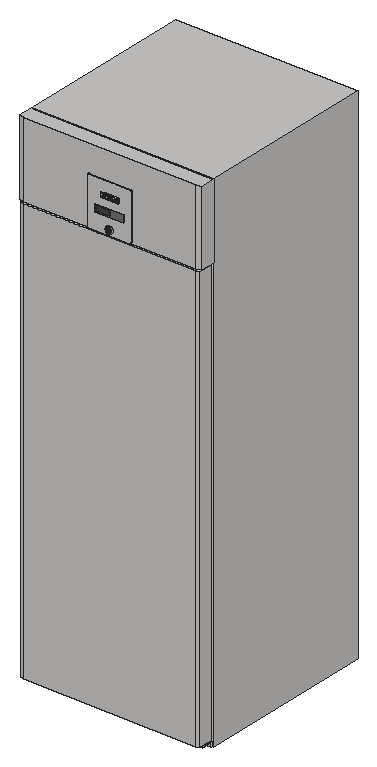
Revit family "QF_ZANUSSI_110880_ZRI075R1F", category Specialty Equipment, Revit 2018
Family settings
  Round Connector Dimension = Use Diameter
  Part Type = Normal
  Work Plane-Based = No
  Always vertical = Yes
  Cut with Voids When Loaded = No
  Shared = No
  Room Calculation Point = No
Parameters (values of type "Standard")
  Weight = 121.00 kg
  Watts = 30.658 W
  Volts = 220 V
  URL Manufacturer = "http://www.zanussiprofessional.com"
  URL = "http://www.zanussiprofessional.com"
  Steam Supply Size = 0 mm
  Steam Supply Minimum Pressure = 0.0 Pa
  Steam Supply Maximum Pressure = 0.0 Pa
  Steam Pounds per Hour = 0
  Refrigeration Suction Line Size = 0 mm
  Refrigeration Liquid Line Size = 0 mm
  Refrigerant Compressor Remote = yes
  Manufacturer = "Zanussi"
  Phase = 1
  Model = "ZRI075R1F"
  Length Actual = 750 mm  # constant formula
  Item Number = "110880"
  Hot Water Size = 0 mm
  Height Actual = 2101 mm  # constant formula
  HP = "0.4 HP"
  Gas Size = 0 mm
  Gas KW = 0
  Gas Input Pressure = 0 W
  Description = "1-DOOR ROLL-IN REFRIGERATOR 750 LT 0/+10°C R290"
  Depth Actual = 816 mm  # constant formula
  Cycle = 50 Hz
  Condensate Return Size = 0 mm
  Compressed Air Volume = 0.0 L/s
  Compressed Air Size = 0 mm
  Compressed Air Pressure = 0.0 Pa
  Cold Water Size = 0 mm
  Accessory = yes
Types (2, lengths in mm): name | URL | Manufacturer | Phase | Model | Description
  (no name) | 0 | 0 | 0 | 0 | 0
  Standard | "http://www.zanussiprofessional.com" | "Zanussi" | 1 | "ZRI075R1F" | "1-DOOR ROLL-IN REFRIGERATOR 750 LT 0/+10°C R290"
Values of the unnamed type that differ from the named types
  Watts = 0 W
  Volts = 0 V
  URL Manufacturer = ""
  Item Number = ""
  HP = ""
  Cycle = 0 Hz
Reference planes
  plane 1 "Center (Front/Back)": y = 0
  plane 2: z = 0
  plane 3 "Center (Left/Right)": x = 0
  plane 4 "TOP": z = 2101
  plane 5 "FRONT": y = -408
  plane 6 "BACK": y = 408
  plane 7 "LEFT": x = -375
  plane 8 "RIGHT": x = 375
  plane 9 "ROy": y = 241
  plane 10 "RIy": y = 269
  plane 11 "ROx": x = 134
  plane 12 "RIx": x = 207
  plane 13 "ROz": z = 1996
Forms (mm)
  Extrusion 1, solid, material "QF_Finishes_Stainless Steel"
    sketch origin (0, 0, 0) x (1, 0, 0) y (0, 1, 0)
      loop
        line (-375, 408) -> (-375, -336) -> (375, -336) -> (375, 408) -> (-375, 408)
    from 0 to 2101
  Extrusion 2, solid
    sketch origin (0, 408, 1872) x (-1, 0, 0) y (0, 0, 1)
      loop
        circle (359, 124) r 10
    from 0 to 3.2
  Extrusion 3, solid, material "QF_Clearances", detail levels coarse
    sketch origin (0, 0, 0) x (1, 0, 0) y (0, 1, 0)
      loop
        line (-375, -408) -> (-375, 408) -> (375, 408) -> (375, -408) -> (425, -408) -> (425, 458) -> (-425, 458) -> (-425, -408) -> (-375, -408)
    from 0 to 2101
  Extrusion 4, solid, material "QF_Clearances", detail levels coarse
    sketch origin (0, 0, 2101) x (-1, 0, 0) y (0, -1, 0)
      loop
        line (425, -458) -> (425, 408) -> (-425, 408) -> (-425, -458) -> (425, -458)
    from 0 to 500
  Extrusion 5, void
    sketch origin (0, 408, 0) x (-1, 0, 0) y (0, 0, 1)
      loop
        line (315, 1713.5) -> (-315, 1713.5) -> (-315, 5) -> (315, 5) -> (315, 1713.5)
    from -59 to -744
Cuts and joins
  joined: Extrusion 3, Extrusion 4
  Extrusion 5 cuts Extrusion 1
Lines and regions (mm)
  symbolic lines, style "QF_Clearances", detail levels coarse
    curve 1: line (-375, -408, 2101) -> (-425, -408, 2101)
    curve 2: line (-425, -408, 2101) -> (-425, 458, 2101)
    curve 3: line (-425, 458, 2101) -> (425, 458, 2101)
    curve 4: line (425, 458, 2101) -> (425, -408, 2101)
    curve 5: line (425, -408, 2101) -> (375, -408, 2101)
Dimensions and locks
  plane 6 "BACK" to plane 1 "Center (Front/Back)" to plane 5 "FRONT" = 408 mm, 408 mm
  equal spacing: plane 7 "LEFT", plane 3 "Center (Left/Right)", plane 8 "RIGHT"
  plane 7 "LEFT" to plane 8 "RIGHT" = 750 mm
  plane 6 "BACK" to plane 5 "FRONT" = 816 mm
  plane 4 "TOP" to plane 2 = 2101 mm
  equal spacing: plane 8 "RIGHT", plane 3 "Center (Left/Right)", plane 7 "LEFT"
  plane 6 "BACK" to nested 1 = 1494 mm
  cut or joined group of Extrusion 1, Extrusion 5 to cut or joined group of Extrusion 1, Extrusion 5 = 630 mm
  cut or joined group of Extrusion 1, Extrusion 5 to cut or joined group of Extrusion 1, Extrusion 5 = 685 mm
  plane 6 "BACK" to plane 10 "RIy" = 139 mm
  plane 6 "BACK" to plane 9 "ROy" = 167 mm
  plane 12 "RIx" to cut or joined group of Extrusion 1, Extrusion 5 = 168 mm
  plane 11 "ROx" to plane 12 "RIx" = 73 mm
  cut or joined group of Extrusion 1, Extrusion 5 to plane 13 "ROz" = 105 mm
  cut or joined group of Extrusion 3, Extrusion 4 to plane 4 "TOP" = 500 mm
  nested 1 to cut or joined group of Extrusion 1, Extrusion 5 = 810 mm
  nested 1 to nested 1 = 16 mm
  cut or joined group of Extrusion 3, Extrusion 4 to cut or joined group of Extrusion 1, Extrusion 5 = 50 mm
  cut or joined group of Extrusion 3, Extrusion 4 to plane 7 "LEFT" = 50 mm
  cut or joined group of Extrusion 1, Extrusion 5 to cut or joined group of Extrusion 3, Extrusion 4 = 50 mm
  plane 4 "TOP" to plane 13 "ROz" = 105 mm
  aligned and locked: level to plane 2
Automatic sketch dimensions
  plane 7 "LEFT" to Extrusion 2 sketch curve = 16 mm
  Extrusion 4 sketch curve to plane 5 "FRONT" = 0 mm
  Extrusion 4 sketch curve to plane 8 "RIGHT" = 50 mm
  Extrusion 4 sketch curve to plane 7 "LEFT" = 50 mm
  plane 6 "BACK" to Extrusion 4 sketch curve = 50 mm
  curve 5 to plane 5 "FRONT" = 0 mm
  curve 5 to plane 8 "RIGHT" = 0 mm
  curve 1 to plane 5 "FRONT" = 0 mm
  curve 1 to plane 7 "LEFT" = 0 mm
  curve 4 to plane 8 "RIGHT" = 50 mm
  curve 2 to plane 7 "LEFT" = 50 mm
  plane 6 "BACK" to curve 3 = 50 mm
  Extrusion 1 sketch curve to plane 7 "LEFT" = 0 mm
  Extrusion 1 sketch curve to plane 8 "RIGHT" = 0 mm
  Extrusion 1 sketch curve to plane 6 "BACK" = 0 mm
  plane 5 "FRONT" to Extrusion 1 sketch curve = 72 mm
  Extrusion 2 sketch curve to plane 4 "TOP" = 105 mm
  Extrusion 3 sketch curve to plane 5 "FRONT" = 0 mm  (x2)
  Extrusion 3 sketch curve to plane 7 "LEFT" = 0 mm
  Extrusion 3 sketch curve to plane 6 "BACK" = 0 mm
  Extrusion 3 sketch curve to plane 8 "RIGHT" = 0 mm
  Extrusion 3 sketch curve to plane 7 "LEFT" = 50 mm
  Extrusion 3 sketch curve to plane 8 "RIGHT" = 50 mm
  plane 6 "BACK" to Extrusion 3 sketch curve = 50 mm
  level to Extrusion 5 sketch curve = 5 mm
  plane 8 "RIGHT" to Extrusion 5 sketch curve = 60 mm
  plane 7 "LEFT" to Extrusion 5 sketch curve = 60 mm
  Extrusion 5 sketch curve to plane 4 "TOP" = 387.5 mm
  radius of Extrusion 2 sketch curve = 10 mm
Nested families
  nested 1: "QF_110880_Door" at (0, -336, 1050.5) x (1, 0, 0) z (0, -1, 0), type "QF_110880_Door"
    with Show Clearance yes
  nested 2: "Refrigerator" at (370, -442.5, 110), type "Refrigerator"
Connectors
  electrical at (-359, 411.2, 1996), driven by "Volts"
    settings: on Extrusion 2, index 2, voltage 220 V, apparent load 0 VA, apparent load phase1 0 VA, apparent load phase2 0 VA, apparent load phase3 0 VA, power factor 1, load classification "Other", number of poles 1, system type 30, power factor state 1, is connector primary yes, connector utility no, sub classification motor no, connector description "Electrical Connection"
Definition of nested family "QF_110880_Door"
  Parameters
    Show Clearance [instance] = yes
    Model = "110880"
    Default Elevation = 1219.2 mm
  Reference planes
    plane 1 "Center (Front/Back)": y = 0
    plane 2: z = 0
    plane 3 "Center (Left/Right)": x = 0
  Forms (mm)
    Extrusion 1, solid
      sketch origin (0, -919.2, 0) x (1, 0, 0) y (0, 1, 0)
        loop
          line (-740, 2119.2) -> (-740, -324.806) -> (846.344, -324.806) -> (846.344, 2119.2) -> (-740, 2119.2)
      from 0 to -59.546
    Extrusion 2, solid
      sketch origin (0, 0, 0) x (1, 0, 0) y (0, 0, 1)
        loop
          line (-375, 60.667) -> (-375, 0) -> (375, 0) -> (375, 60.667) -> (355, 66) -> (-355, 66) -> (-375, 60.667)
      from -1050.5 to -740.5
    Extrusion 3, solid
      sketch origin (0, 0, 0) x (1, 0, 0) y (0, 0, 1)
        loop
          line (-370, 62) -> (-370, 26) -> (-348, 26) -> (-348, 8) -> (-330, 8) -> (-330, 0) -> (362, 0) -> (362, 8) -> (370, 8) -> (370, 62) -> (355, 66) -> (-355, 66) -> (-370, 62)
      from -733.5 to 1025.5
    Extrusion 4, solid
      sketch origin (147, -711.5, 0) x (0, 1, 0) y (0, 0, 1)
        loop
          line (-323.003, 40.312) -> (-316.501, 40.312) -> (-316.501, 42.812) -> (-325.503, 42.812) -> (-325.503, 2.5) -> (-339, 2.5) -> (-339, 0) -> (-323.003, 0) -> (-323.003, 12.259) -> (-323.003, 40.312)
        loop
          line (-314, 38.311) -> (-316.501, 38.311) -> (-316.501, 14.304) -> (-319.752, 14.304) -> (-319.752, 11.804) -> (-314, 11.804) -> (-314, 38.311)
      from 185 to 220
    Extrusion 5, solid
      sketch origin (147, 499.597, 0) x (0, 1, 0) y (0, 0, 1)
        loop
          line (233.903, 27.948) -> (233.903, 2.948) -> (233.903, 0) -> (240.903, 0) -> (240.903, 2.5) -> (236.403, 2.5) -> (236.403, 27.948) -> (233.903, 27.948)
      from 185 to 220
    Extrusion 6, solid, detail levels coarse
      sketch origin (24, 1013.369, -334) x (-1, 0, 0) y (0, 0, -1)
        loop
          line (-367, -352) -> (-367, -1084) -> (-329, -1084) -> (-329, -1062) -> (-311, -1062) -> (-311, -1044) -> (-303, -1044) -> (-303, -400) -> (-351, -400) -> (-351, -352) -> (-367, -352)
      from 2038.869 to 279.869
    Extrusion 7, solid, detail levels coarse
      sketch origin (41, 1123.369, -334) x (1, 0, 0) y (0, 0, 1)
        loop
          line (286, 400) -> (286, 1044) -> (294, 1044) -> (294, 1062) -> (312, 1062) -> (312, 1084)
          arc (312, 1084) -> (-184.675, 884.882) -> (-411, 400) r 727.877
          line (-411, 400) -> (286, 400)
      from 2148.869 to 389.869
  Lines and regions (mm)
    symbolic lines
      curve 1: line (-375, 0, 0) -> (-375, 0, 60.667)
      curve 2: line (375, 0, 0) -> (-375, 0, 0)
      curve 3: line (391, 0, 18) -> (391, 0, 750)
      curve 4: line (327, 0, 66) -> (327, 0, 710)
      curve 5: line (391, 0, 750) -> (353, 0, 750)
      curve 6: line (353, 0, 728) -> (353, 0, 750)
      curve 7: line (335, 0, 728) -> (353, 0, 728)
      curve 8: line (335, 0, 710) -> (335, 0, 728)
      curve 9: line (327, 0, 710) -> (335, 0, 710)
      curve 10: line (375, 0, 18) -> (391, 0, 18)
      curve 11: arc (353, 0, 750) -> (-143.675, 0, 550.882) -> (-370, 0, 66) r 727.877
      curve 12: line (375, 0, 0) -> (375, 0, 60.667)
      curve 13: line (-355, 0, 66) -> (-375, 0, 60.667)
      curve 14: line (355, 0, 66) -> (-355, 0, 66)
      curve 15: line (375, 0, 60.667) -> (355, 0, 66)
  Dimensions and locks
    Extrusion 4 to Extrusion 2 = 2101 mm
    Extrusion 3 to Extrusion 3 = 740 mm
    aligned and locked: plane 2 to Extrusion 1
    aligned and locked: level to Extrusion 1
  Nested families
    nested 1: "QF_DisplayNewRollCabinets_ZAN" at (0, 840.5, 66), type "QF_DisplayNewRollCabinets_ZAN"
      with Show Clearance yes
  Definition of nested family "QF_DisplayNewRollCabinets_ZAN"
    Parameters
      Show Clearance [instance] = yes
      Model = "728658"
      Default Elevation = 1219.2 mm
    Reference planes
      plane 1 "Center (Front/Back)": y = 0
      plane 2: z = 0
      plane 3 "Center (Left/Right)": x = 0
    Forms (mm)
      Extrusion 1, solid
        sketch origin (0, -919.2, 0) x (1, 0, 0) y (0, 1, 0)
          loop
            line (-198.75, 1146.2) -> (-198.75, 709.567) -> (165.741, 709.567) -> (165.741, 1146.2) -> (-198.75, 1146.2)
        from 0 to -59.546
      Extrusion 2, solid
        sketch origin (-59, -79.611, 0) x (0, 1, 0) y (-1, 0, 0)
          loop
            circle (0.611, -59) r 14
          loop
            circle (0.611, -59) r 10
        from 1.6 to 6
      Extrusion 3, solid
        sketch origin (744.635, 285.889, 0) x (0, 1, 0) y (-1, 0, 0)
          loop
            circle (-364.889, 744.635) r 10
          loop
            circle (-364.889, 744.635) r 9
        from 1.6 to 6
      Extrusion 4, solid
        sketch origin (744.635, 285.889, 0) x (0, 1, 0) y (-1, 0, 0)
          loop
            circle (-364.889, 744.635) r 8.7
        from 1.6 to 6
      Extrusion 5, void
        sketch origin (744.635, 285.889, 0) x (0, 1, 0) y (-1, 0, 0)
          loop
            line (-372.339, 745.885) -> (-372.339, 743.385) -> (-362.339, 743.385) -> (-362.339, 745.885) -> (-372.339, 745.885)
        from 3 to 7
      Extrusion 6, solid
        sketch origin (0, 0, 0) x (1, 0, 0) y (0, 1, 0)
          loop
            arc (-90, -95) -> (-88.536, -98.536) -> (-85, -100) r 5
            line (-85, -100) -> (85, -100)
            arc (85, -100) -> (88.536, -98.536) -> (90, -95) r 5
            line (90, -95) -> (90, 95)
            arc (90, 95) -> (88.536, 98.536) -> (85, 100) r 5
            line (85, 100) -> (-85, 100)
            arc (-85, 100) -> (-88.536, 98.536) -> (-90, 95) r 5
            line (-90, 95) -> (-90, -95)
          loop
            line (-60, -3.798) -> (-60, -32.827) -> (60, -32.827) -> (60, -3.798) -> (-60, -3.798)
        from 0 to 1.6
      Extrusion 7, solid
        sketch origin (0, 0, 0) x (1, 0, 0) y (0, 1, 0)
          loop
            line (-60, -3.798) -> (-60, -32.827) -> (60, -32.827) -> (60, -3.798) -> (-60, -3.798)
          loop
            line (-56.428, -8.037) -> (-56.428, -28.331) -> (0, -28.331) -> (0, -8.037) -> (-56.428, -8.037)
        from 0 to 1.6
      Extrusion 8, solid
        sketch origin (0, 0, 0) x (1, 0, 0) y (0, 1, 0)
          loop
            line (-56.428, -8.037) -> (-56.428, -28.331) -> (0, -28.331) -> (0, -8.037) -> (-56.428, -8.037)
        from 0 to 1.6
      Extrusion 9, solid
        sketch origin (0, 15, 0) x (1, 0, 0) y (0, 1, 0)
          loop
            line (-24.658, 16.724) -> (-24.658, 20.689) -> (-30.605, 20.689) -> (-24.658, 32.81) -> (-24.658, 36.095) -> (-34.514, 36.095) -> (-34.514, 32.47) -> (-29.303, 32.583) -> (-34.967, 20.689) -> (-34.967, 16.724) -> (-24.658, 16.724)
          loop
            line (-18.968, 23.974) -> (-16.702, 23.974) -> (-17.835, 32.784) -> (-18.968, 23.974)
          loop
            line (-19.988, 16.724) -> (-19.421, 20.462) -> (-16.136, 20.462) -> (-15.57, 16.724) -> (-11.491, 16.724) -> (-15.116, 36.095) -> (-20.554, 36.095) -> (-24.066, 16.724) -> (-19.988, 16.724)
          loop
            line (-10.989, 36.095) -> (-10.989, 16.724) -> (-7.478, 16.724) -> (-7.478, 29.525) -> (-4.192, 16.724) -> (0.113, 16.724) -> (0.113, 36.095) -> (-3.512, 36.095) -> (-3.512, 23.747) -> (-6.798, 36.095) -> (-10.989, 36.095)
          loop
            arc (1.019, 21.515) -> (5.865, 16.692) -> (11.328, 20.802) r 5.22
            line (11.328, 20.802) -> (11.328, 36.095) -> (7.363, 36.095) -> (7.363, 21.708)
            arc (7.363, 21.708) -> (6.321, 20.507) -> (4.984, 21.368) r 1.214
            line (4.984, 21.368) -> (4.984, 36.095) -> (1.019, 36.095) -> (1.019, 21.515)
          loop
            line (18.691, 29.978) -> (22.43, 29.978) -> (22.491, 31.739)
            arc (22.491, 31.739) -> (22.231, 33.702) -> (20.999, 35.254) r 3.719
            arc (20.999, 35.254) -> (17.381, 36.433) -> (13.762, 35.254) r 6.139
            arc (13.762, 35.254) -> (12.287, 32.389) -> (12.47, 29.172) r 6.125
            arc (12.47, 29.172) -> (13.682, 27.393) -> (15.169, 25.838) r 13.068
            line (15.169, 25.838) -> (16.84, 24.357)
            arc (16.84, 24.357) -> (17.826, 23.519) -> (18.593, 22.477) r 5.571
            arc (18.593, 22.477) -> (18.403, 20.654) -> (16.617, 20.247) r 1.573
            arc (16.617, 20.247) -> (16.079, 20.792) -> (15.849, 21.521) r 1.631
            arc (15.849, 21.521) -> (15.831, 22.035) -> (15.849, 22.549) r 7.441
            arc (15.849, 22.549) -> (15.866, 23.035) -> (15.849, 23.521) r 7.03
            line (15.849, 23.521) -> (11.894, 23.521)
            arc (11.894, 23.521) -> (11.932, 20.748) -> (13.025, 18.199) r 7.131
            arc (13.025, 18.199) -> (18.19, 16.728) -> (22.54, 19.877) r 6.148
            arc (22.54, 19.877) -> (22.619, 23.128) -> (21.224, 26.067) r 7.021
            line (21.224, 26.067) -> (16.879, 29.978)
            arc (16.879, 29.978) -> (16.291, 30.717) -> (15.976, 31.606) r 2.858
            arc (15.976, 31.606) -> (17.094, 33.203) -> (18.691, 32.085) r 1.379
            line (18.691, 32.085) -> (18.691, 29.978)
          loop
            line (29.989, 29.978) -> (33.728, 29.978) -> (33.789, 31.739)
            arc (33.789, 31.739) -> (33.529, 33.702) -> (32.297, 35.254) r 3.719
            arc (32.297, 35.254) -> (28.679, 36.433) -> (25.061, 35.254) r 6.139
            arc (25.061, 35.254) -> (23.585, 32.389) -> (23.768, 29.172) r 6.125
            arc (23.768, 29.172) -> (24.98, 27.393) -> (26.468, 25.838) r 13.068
            line (26.468, 25.838) -> (28.138, 24.357)
            arc (28.138, 24.357) -> (29.125, 23.519) -> (29.892, 22.477) r 5.571
            arc (29.892, 22.477) -> (29.702, 20.654) -> (27.915, 20.247) r 1.573
            arc (27.915, 20.247) -> (27.378, 20.792) -> (27.147, 21.521) r 1.631
            arc (27.147, 21.521) -> (27.13, 22.035) -> (27.147, 22.549) r 7.441
            arc (27.147, 22.549) -> (27.164, 23.035) -> (27.147, 23.521) r 7.03
            line (27.147, 23.521) -> (23.192, 23.521)
            arc (23.192, 23.521) -> (23.231, 20.748) -> (24.324, 18.199) r 7.131
            arc (24.324, 18.199) -> (29.488, 16.728) -> (33.838, 19.877) r 6.148
            arc (33.838, 19.877) -> (33.917, 23.128) -> (32.523, 26.067) r 7.021
            line (32.523, 26.067) -> (28.177, 29.978)
            arc (28.177, 29.978) -> (27.589, 30.717) -> (27.274, 31.606) r 2.858
            arc (27.274, 31.606) -> (28.393, 33.203) -> (29.989, 32.085) r 1.379
            line (29.989, 32.085) -> (29.989, 29.978)
          loop
            line (34.551, 36.095) -> (34.551, 16.724) -> (38.516, 16.724) -> (38.516, 36.095) -> (34.551, 36.095)
        from 1.6 to 3.2
      Extrusion 10, solid
        sketch origin (0, 0, 0) x (1, 0, 0) y (0, 1, 0)
          loop
            line (1.25, -86.45) -> (1.25, -76.45) -> (-1.25, -76.45) -> (-1.25, -86.45) -> (1.25, -86.45)
        from 1.6 to 6
    Cuts and joins
      Extrusion 5 cuts Extrusion 4
    Lines and regions (mm)
      symbolic lines
        curve 1: line (52.518, 0, 4) -> (-53.037, 0, 4)
        curve 2: line (40, 0, 4) -> (40, 0, 6)
        curve 3: line (40, 0, 6) -> (-40, 0, 6)
        curve 4: line (-40, 0, 6) -> (-40, 0, 4)
        curve 5: line (-64.765, 0, 0) -> (-53.037, 0, 4)
        curve 6: line (52.518, 0, 4) -> (64.135, 0, 0)
    Dimensions and locks
      aligned and locked: plane 2 to Extrusion 1
      aligned and locked: level to Extrusion 1
Definition of nested family "Refrigerator"
  Reference planes
    plane 1 "Center (Front/Back)": y = 0
    plane 2: z = 0
    plane 3 "Center (Left/Right)": x = 0
  Lines and regions (mm)
    detail lines, in view "Ref. Level"
      curve 1: spline (-500, 190, 0) -> (-493.185, 166.706, 0) -> (-473.205, 145, 0) -> (-441.421, 126.36, 0) -> (-400, 112.058, 0) -> (-351.764, 103.067, 0) -> (-300, 100, 0) -> (-248.236, 103.067, 0) -> (-200, 112.058, 0) -> (-158.579, 126.36, 0) -> (-126.795, 145, 0) -> (-106.815, 166.706, 0) -> (-100, 190, 0) -> (-106.815, 213.294, 0) -> (-126.795, 235, 0) -> (-158.579, 253.64, 0) -> (-200, 267.942, 0) -> (-248.236, 276.933, 0) -> (-300, 280, 0) -> (-351.764, 276.933, 0) -> (-400, 267.942, 0) -> (-441.421, 253.64, 0) -> (-473.205, 235, 0) -> (-493.185, 213.294, 0) -> (-500, 190, 0)
      curve 2: line (-300, 130, 0) -> (-300, 250, 0)
      curve 3: line (-351.962, 220, 0) -> (-248.038, 160, 0)
      curve 4: line (-351.962, 160, 0) -> (-248.038, 220, 0)
      curve 5: line (-280.884, 246.873, 0) -> (-300, 225, 0)
      curve 6: line (-300, 225, 0) -> (-319.116, 246.873, 0)
      curve 7: line (-330.311, 207.5, 0) -> (-339.696, 234.992, 0)
      curve 8: line (-358.812, 201.882, 0) -> (-330.311, 207.5, 0)
      curve 9: line (-330.311, 172.5, 0) -> (-358.812, 178.118, 0)
      curve 10: line (-339.696, 145.008, 0) -> (-330.311, 172.5, 0)
      curve 11: line (-300, 155, 0) -> (-319.116, 133.127, 0)
      curve 12: line (-280.884, 133.127, 0) -> (-300, 155, 0)
      curve 13: line (-269.689, 172.5, 0) -> (-260.304, 145.008, 0)
      curve 14: line (-241.188, 178.118, 0) -> (-269.689, 172.5, 0)
      curve 15: line (-269.689, 207.5, 0) -> (-241.188, 201.882, 0)
      curve 16: line (-260.304, 234.992, 0) -> (-269.689, 207.5, 0)
